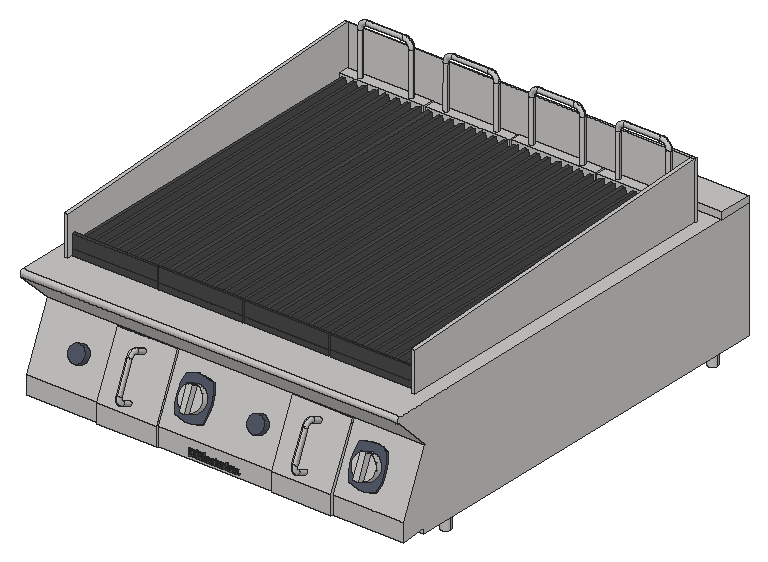
Revit family "QF_ELECTROLUXPROFESSIONAL_391065_E9GRGHGC0P", category Specialty Equipment, Revit 2018
Family settings
  Round Connector Dimension = Use Diameter
  Part Type = Normal
  Work Plane-Based = No
  Always vertical = Yes
  Cut with Voids When Loaded = No
  Shared = No
  Room Calculation Point = No
Parameters
  Width = 800 mm  # constant formula
  Weight in Pounds = 110  # constant formula
  Watts = 0 W
  URL Cutsheet = "www.electrolux.com"
  URL = "www.electrolux.com"
  Type Mark [instance] = ""
  Status [instance] = ""
  Specification by User [instance] = ""
  Specification by Manufacturer = ""
  Show Logo [instance] = yes
  Show Clearance [instance] = yes
  Serial Number = ""
  Seismic Rating = ""
  SMACNA No = ""
  Revision Code [instance] = ""
  Omniclass Number and Title = ""
  NAFEM Spec ID Number = ""
  Model = "391065"
  Mechanical Remarks [instance] = ""
  Mechanical Connection Type [instance] = ""
  Masterspec = ""
  Manufacturer = "ELECTROLUX"
  Item Number [instance] = ""
  Installed By [instance] = ""
  Identify Quantity as Lot [instance] = yes
  HP = "0 HP"
  Gas Size = 12.7 mm  # 1/2"
  Gas RI Height [instance] = 0 mm
  Gas KW [instance] = 21  # constant formula
  Gas Input [instance] = 20980.7 VA  # 71589.0 Btu/h
  Gas Connection Height = 0 mm
  Furnished By [instance] = ""
  Foodservice Equipment Identifier [instance] = yes
  Direct Waste Size = 0"
  Description = "900XP FULL MODULE GAS POWERGRILL TOP HP - NATURAL/LPG GAS"
  Depth = 930 mm  # constant formula
  CSI MasterFormat = ""
  CSI Master Format = ""
  Base Height [instance] = 0 mm
Reference planes
  plane 1 "BACK": y = 0
  plane 2: z = 0
  plane 3 "LEFT": x = 0
  plane 4 "RIGHT": x = 800
  plane 5 "FRONT": y = -930
  plane 6 "TOP": z = 275
  plane 7 "Center Y": x = 400
  plane 8 "Center X": y = -465
  plane 9: z = 24
  plane 10: z = 424
  plane 11: x = 11
  plane 12: x = 789
  plane 13: y = -1690
  plane 14: x = 748
Forms (mm)
  Extrusion 1, solid, material "QF_Finishes_Stainless Steel"
    sketch origin (0, 0, 0) x (0, 1, 0) y (0, 0, 1)
      loop
        line (0, 275) -> (-922.639, 275)
        arc (-922.639, 275) -> (-929.44, 270.456) -> (-927.844, 262.434) r 7.361
        line (-927.844, 262.434) -> (-857.044, 191.634) -> (-913.4, 69.19) -> (-913.4, 31.09) -> (-860.028, 36.7) -> (-860.028, 24) -> (0, 24) -> (0, 275)
    from 0 to 800.1
  Extrusion 2, solid, material "QF_Finishes_Stainless Steel"
    sketch origin (0, 0, 0) x (1, 0, 0) y (0, 1, 0)
      loop
        circle (11, -80) r 9.525
      loop
        circle (11, -788) r 9.525
      loop
        circle (789, -80) r 9.525
      loop
        circle (789, -788) r 9.525
    from 0 to 24
  Extrusion 3, solid, material "QF_Clearances", visible <- "Show Clearance", detail levels coarse
    sketch origin (0, 0, 0) x (1, 0, 0) y (0, 1, 0)
      loop
        line (0, -930) -> (0, 0) -> (800, 0) -> (800, -930) -> (950.119, -930) -> (950.119, 150.019) -> (-150.019, 150.019) -> (-150.019, -930) -> (0, -930)
    from 0 to 424
  Extrusion 4, solid, material "QF_Finishes_Navy Blue"
    sketch origin (603.031, -927.103, 39.419) x (0, 0.418102, 0.9084) y (-1, 0, 0)
      loop
        circle (98.862, 129.601) r 17.8
    from 0 to 12.7
  Extrusion 5, solid, material "QF_Finishes_Stainless Steel"
    sketch origin (151.15, -199.714, 0) x (0, 1, 0) y (0, 0, 1)
      loop
        line (-657.416, 191.447) -> (-660.323, 192.784) -> (-716.972, 69.704) -> (-716.972, 30.903) -> (-713.772, 30.903) -> (-713.772, 69.003) -> (-657.416, 191.447)
    from 0 to 127
  Sweep 6, solid, material "QF_Finishes_Stainless Steel"
    path origin (213.65, -199.714, 0) x (0, 1, 0) y (0, 0, 1)
      loop
        line (-670.615, 170.424) -> (-691.243, 179.918)
        arc (-691.243, 179.918) -> (-700.956, 180.294) -> (-708.09, 173.692) r 12.7
        line (-708.09, 173.692) -> (-735.638, 113.839)
        arc (-735.638, 113.839) -> (-736.013, 104.126) -> (-729.411, 96.993) r 12.7
        line (-729.411, 96.993) -> (-708.782, 87.498)
    profile origin (213.65, -880.643, 175.171) x (0, -0.418102, -0.9084) y (1, 0, 0)
      loop
        circle (0, 0) r 4.572
  Extrusion 7, solid, material "QF_Finishes_Navy Blue"
    sketch origin (653.031, -927.103, 39.419) x (0, 0.418102, 0.9084) y (-1, 0, 0)
      loop
        circle (98.862, 559.801) r 17.8
    from 0 to 12.7
  Extrusion 8, solid, material "QF_Finishes_Stainless Steel"
    sketch origin (648.95, -199.714, 0) x (0, 1, 0) y (0, 0, -1)
      loop
        line (-657.416, -191.447) -> (-713.772, -69.003) -> (-713.772, -30.903) -> (-716.972, -30.903) -> (-716.972, -69.704) -> (-660.323, -192.784) -> (-657.416, -191.447)
    from 0 to 127
  Sweep 9, solid, material "QF_Finishes_Stainless Steel"
    path origin (586.45, -199.714, 0) x (0, 1, 0) y (0, 0, -1)
      loop
        line (-670.615, -170.424) -> (-691.243, -179.918)
        arc (-691.243, -179.918) -> (-700.956, -180.294) -> (-708.09, -173.692) r 12.7
        line (-708.09, -173.692) -> (-735.638, -113.839)
        arc (-735.638, -113.839) -> (-736.013, -104.126) -> (-729.411, -96.993) r 12.7
        line (-729.411, -96.993) -> (-708.782, -87.498)
    profile origin (586.45, -880.643, 175.171) x (0, 0.418102, 0.9084) y (-1, 0, 0)
      loop
        circle (0, 0) r 4.572
  Extrusion 10, solid, material "QF_Door-Drawer Clearances", visible <- "Show Clearance", detail levels coarse
    sketch origin (151.15, -199.714, 0) x (0, 1, 0) y (0, 0, 1)
      loop
        line (-660.323, 192.784) -> (-1409.258, 192.784) -> (-1465.907, 69.704) -> (-1465.907, 30.903) -> (-716.972, 30.903) -> (-716.972, 69.704) -> (-660.323, 192.784)
    from 0 to 127
  Extrusion 11, solid, material "QF_Door-Drawer Clearances", visible <- "Show Clearance", detail levels coarse
    sketch origin (521.95, -199.714, 0) x (0, 1, 0) y (0, 0, 1)
      loop
        line (-660.323, 192.784) -> (-1409.258, 192.784) -> (-1465.907, 69.704) -> (-1465.907, 30.903) -> (-716.972, 30.903) -> (-716.972, 69.704) -> (-660.323, 192.784)
    from 0 to 127
  Extrusion 12, solid, material "QF_Finishes_Navy Blue"
    sketch origin (-203.02, -913.486, 69.003) x (0, 0.418102, 0.9084) y (-1, 0, 0)
      loop
        arc (102.623, -510.47) -> (67.041, -502.846) -> (31.333, -509.853) r 90.5
        arc (31.333, -509.853) -> (24.507, -539.04) -> (31.333, -568.228) r 65.817
        arc (31.333, -568.228) -> (67.04, -575.188) -> (102.623, -567.615) r 91.066
        arc (102.623, -567.615) -> (109.179, -539.043) -> (102.623, -510.47) r 65.546
    from 0 to 3.175
  Extrusion 13, solid, material "QF_Finishes_Stainless Steel"
    sketch origin (175.73, -917.2, 68.529) x (0, 0.418102, 0.9084) y (-1, 0, 0)
      loop
        circle (68.826, -160.963) r 25.4
    from 0 to 12.7
  Extrusion 14, solid, material "QF_Finishes_Stainless Steel"
    sketch origin (175.73, -928.736, 73.839) x (0, 0.418102, 0.9084) y (-1, 0, 0)
      loop
        arc (93.558, -166.749) -> (94.226, -160.963) -> (93.558, -155.177) r 25.4
        line (93.558, -155.177) -> (44.094, -155.177)
        arc (44.094, -155.177) -> (43.426, -160.963) -> (44.094, -166.749) r 25.4
        line (44.094, -166.749) -> (93.558, -166.749)
    from 0 to 12.7
  Extrusion 15, solid, material "QF_Finishes_Stainless Steel"
    sketch origin (543.994, -917.2, 68.529) x (0, 0.418102, 0.9084) y (-1, 0, 0)
      loop
        circle (68.826, -160.963) r 25.4
    from 0 to 12.7
  Extrusion 16, solid, material "QF_Finishes_Stainless Steel"
    sketch origin (543.994, -928.736, 73.839) x (0, 0.418102, 0.9084) y (-1, 0, 0)
      loop
        arc (93.558, -166.749) -> (94.226, -160.963) -> (93.558, -155.177) r 25.4
        line (93.558, -155.177) -> (44.094, -155.177)
        arc (44.094, -155.177) -> (43.426, -160.963) -> (44.094, -166.749) r 25.4
        line (44.094, -166.749) -> (93.558, -166.749)
    from 0 to 12.7
  Extrusion 17, solid, material "QF_Finishes_Navy Blue", visible <- "Show Logo"
    sketch origin (58.349, -913.486, 30.903) x (0, 0, 1) y (-1, 0, 0)
      loop
        line (20.674, -296.698) -> (8.307, -296.698)
        arc (8.307, -296.698) -> (14.491, -301.27) -> (20.674, -296.698) r 6.467
      loop
        arc (20.674, -296.069) -> (19.505, -290.926) -> (14.849, -288.448) r 6.338
        line (14.849, -288.448) -> (14.849, -290.494)
        arc (14.849, -290.494) -> (16.333, -294.149) -> (19.778, -296.069) r 5.941
        line (19.778, -296.069) -> (20.674, -296.069)
      loop
        arc (9.203, -296.069) -> (12.648, -294.149) -> (14.132, -290.494) r 5.941
        line (14.132, -290.494) -> (14.132, -288.448)
        arc (14.132, -288.448) -> (9.438, -290.922) -> (8.148, -296.069) r 6.504
        line (8.148, -296.069) -> (9.203, -296.069)
      loop
        line (21.349, -287.979) -> (7.604, -287.979) -> (7.604, -301.742) -> (21.349, -301.742) -> (21.349, -287.979)
      loop
        arc (21.432, -304.71) -> (21.085, -304.352) -> (20.718, -304.69) r 0.358
        arc (20.718, -304.69) -> (20.404, -305.44) -> (19.687, -305.825) r 1.216
        line (19.687, -305.825) -> (9.274, -305.825)
        arc (9.274, -305.825) -> (8.614, -305.548) -> (8.218, -304.951) r 1.238
        arc (8.218, -304.951) -> (7.823, -304.7) -> (7.518, -305.054) r 0.358
        line (7.518, -305.054) -> (7.518, -314.933) -> (10.269, -314.933) -> (10.269, -314.036)
        arc (10.269, -314.036) -> (9.36, -313.456) -> (8.904, -312.479) r 1.928
        line (8.904, -312.479) -> (8.904, -309.98)
        arc (8.904, -309.98) -> (9.18, -309.251) -> (9.868, -308.887) r 1.101
        line (9.868, -308.887) -> (13.955, -308.887) -> (13.955, -312.561)
        arc (13.955, -312.561) -> (13.602, -313.058) -> (13.037, -313.286) r 1.083
        arc (13.037, -313.286) -> (12.773, -313.591) -> (13.065, -313.869) r 0.292
        line (13.065, -313.869) -> (16.028, -313.869)
        arc (16.028, -313.869) -> (16.33, -313.596) -> (16.092, -313.266) r 0.305
        arc (16.092, -313.266) -> (15.601, -313.018) -> (15.296, -312.561) r 1.083
        line (15.296, -312.561) -> (15.296, -308.887) -> (19.973, -308.887) -> (19.973, -312.635)
        arc (19.973, -312.635) -> (19.759, -313.39) -> (19.153, -313.888) r 1.314
        arc (19.153, -313.888) -> (18.934, -314.292) -> (19.288, -314.585) r 0.361
        line (19.288, -314.585) -> (21.432, -314.585) -> (21.432, -304.71)
      loop
        arc (20.715, -315.365) -> (20.335, -316.284) -> (19.416, -316.664) r 1.299
        line (19.416, -316.664) -> (9.837, -316.664)
        arc (9.837, -316.664) -> (8.999, -316.286) -> (8.728, -315.408) r 1.118
        line (8.728, -315.408) -> (7.518, -315.408) -> (7.518, -320.758) -> (8.706, -320.758)
        arc (8.706, -320.758) -> (8.978, -319.841) -> (9.848, -319.445) r 1.153
        line (9.848, -319.445) -> (21.92, -319.445) -> (20.715, -315.365)
      loop
        line (12.483, -323.394) -> (12.483, -329.842) -> (13.282, -329.842)
        arc (13.282, -329.842) -> (15.862, -328.857) -> (17.131, -326.404) r 3.874
        line (17.131, -326.404) -> (17.131, -324.643)
        arc (17.131, -324.643) -> (15.944, -321.778) -> (13.08, -320.592) r 4.051
        line (13.08, -320.592) -> (11.072, -320.592)
        arc (11.072, -320.592) -> (8.253, -322.077) -> (7.202, -325.084) r 4.352
        arc (7.202, -325.084) -> (7.566, -327.547) -> (8.943, -329.621) r 5.713
        line (8.943, -329.621) -> (9.892, -329.621)
        arc (9.892, -329.621) -> (9.16, -328.052) -> (8.943, -326.334) r 5.579
        arc (8.943, -326.334) -> (9.737, -324.371) -> (11.616, -323.394) r 3.057
        line (11.616, -323.394) -> (12.483, -323.394)
      loop
        line (13.742, -323.394) -> (13.742, -326.977)
        arc (13.742, -326.977) -> (15.199, -327.024) -> (16.082, -325.864) r 1.59
        line (16.082, -325.864) -> (16.082, -325.034)
        arc (16.082, -325.034) -> (15.217, -323.779) -> (13.742, -323.394) r 2.184
      loop
        arc (16.533, -339.259) -> (17.022, -337.585) -> (17.179, -335.848) r 9.023
        line (17.179, -335.848) -> (17.179, -334.486)
        arc (17.179, -334.486) -> (16.02, -331.686) -> (13.22, -330.527) r 3.959
        line (13.22, -330.527) -> (10.62, -330.527)
        arc (10.62, -330.527) -> (8.338, -331.819) -> (7.221, -334.192) r 4.331
        line (7.221, -334.192) -> (7.221, -336.327)
        arc (7.221, -336.327) -> (7.729, -337.877) -> (8.651, -339.223) r 5.772
        arc (8.651, -339.223) -> (9.412, -339.274) -> (9.499, -338.515) r 0.553
        arc (9.499, -338.515) -> (9.111, -337.781) -> (8.977, -336.962) r 2.573
        line (8.977, -336.962) -> (8.977, -335.447)
        arc (8.977, -335.447) -> (9.983, -333.806) -> (11.798, -333.163) r 2.884
        line (11.798, -333.163) -> (13.077, -333.163)
        arc (13.077, -333.163) -> (14.898, -333.723) -> (15.824, -335.388) r 2.554
        line (15.824, -335.388) -> (15.824, -336.441)
        arc (15.824, -336.441) -> (15.493, -337.369) -> (14.836, -338.104) r 2.564
        arc (14.836, -338.104) -> (14.614, -338.821) -> (15.223, -339.259) r 0.643
        line (15.223, -339.259) -> (16.533, -339.259)
      loop
        line (15.515, -339.53) -> (15.515, -341.031) -> (9.467, -341.031)
        arc (9.467, -341.031) -> (7.879, -341.688) -> (7.221, -343.276) r 2.246
        line (7.221, -343.276) -> (7.221, -344.86)
        arc (7.221, -344.86) -> (7.535, -345.725) -> (8.035, -346.496) r 4.06
        arc (8.035, -346.496) -> (8.768, -346.629) -> (9.019, -345.928) r 0.576
        arc (9.019, -345.928) -> (8.913, -345.403) -> (8.977, -344.87) r 1.69
        arc (8.977, -344.87) -> (9.519, -344.082) -> (10.425, -343.779) r 1.506
        line (10.425, -343.779) -> (15.563, -343.779) -> (15.563, -346.176) -> (16.119, -346.733) -> (16.941, -346.733) -> (16.941, -343.873) -> (20.172, -343.873) -> (15.515, -339.53)
      loop
        line (7.438, -347.63) -> (7.438, -353.017) -> (8.548, -353.017)
        arc (8.548, -353.017) -> (8.942, -352.066) -> (9.893, -351.672) r 1.345
        line (9.893, -351.672) -> (13.509, -351.672)
        arc (13.509, -351.672) -> (14.274, -352.264) -> (14.564, -353.186) r 1.615
        line (14.564, -353.186) -> (14.564, -354.742) -> (17.119, -355.427) -> (17.119, -354.044) -> (15.177, -351.485) -> (17.057, -351.485) -> (16.773, -348.779)
        arc (16.773, -348.779) -> (16.333, -348.249) -> (15.674, -348.45) r 0.621
        arc (15.674, -348.45) -> (15.274, -348.792) -> (14.78, -348.975) r 1.501
        line (14.78, -348.975) -> (9.893, -348.975)
        arc (9.893, -348.975) -> (8.942, -348.581) -> (8.548, -347.63) r 1.345
        line (8.548, -347.63) -> (7.438, -347.63)
      loop
        line (13.54, -354.964) -> (10.848, -354.964)
        arc (10.848, -354.964) -> (8.403, -356.272) -> (7.269, -358.803) r 4.288
        arc (7.269, -358.803) -> (7.205, -360.183) -> (7.269, -361.563) r 15.022
        arc (7.269, -361.563) -> (8.403, -364.094) -> (10.848, -365.401) r 4.288
        line (10.848, -365.401) -> (13.54, -365.401)
        arc (13.54, -365.401) -> (15.986, -364.094) -> (17.119, -361.563) r 4.288
        arc (17.119, -361.563) -> (17.183, -360.183) -> (17.119, -358.803) r 15.022
        arc (17.119, -358.803) -> (15.986, -356.272) -> (13.54, -354.964) r 4.288
      loop
        line (13.745, -358.078) -> (10.643, -358.078)
        arc (10.643, -358.078) -> (8.486, -360.235) -> (10.643, -362.392) r 2.157
        line (10.643, -362.392) -> (13.745, -362.392)
        arc (13.745, -362.392) -> (15.902, -360.235) -> (13.745, -358.078) r 2.157
      loop
        arc (20.726, -365.26) -> (20.355, -366.154) -> (19.461, -366.524) r 1.264
        line (19.461, -366.524) -> (9.597, -366.524)
        arc (9.597, -366.524) -> (8.727, -366.127) -> (8.455, -365.211) r 1.153
        line (8.455, -365.211) -> (7.518, -365.211) -> (7.518, -370.319) -> (8.446, -370.319)
        arc (8.446, -370.319) -> (8.805, -369.547) -> (9.597, -369.232) r 1.153
        line (9.597, -369.232) -> (21.92, -369.232) -> (20.726, -365.26)
      loop
        arc (15.846, -369.857) -> (15.647, -370.921) -> (14.678, -371.403) r 1.215
        line (14.678, -371.403) -> (9.658, -371.403)
        arc (9.658, -371.403) -> (8.043, -372.051) -> (7.322, -373.634) r 2.338
        line (7.322, -373.634) -> (7.322, -375.148)
        arc (7.322, -375.148) -> (7.497, -376.152) -> (7.999, -377.038) r 2.979
        line (7.999, -377.038) -> (7.518, -378.835) -> (7.518, -380.524) -> (16.943, -380.524) -> (16.649, -376.32) -> (15.863, -376.32)
        arc (15.863, -376.32) -> (15.507, -377.156) -> (14.755, -377.665) r 1.605
        line (14.755, -377.665) -> (9.652, -377.665)
        arc (9.652, -377.665) -> (9.232, -376.728) -> (9.159, -375.704) r 2.94
        arc (9.159, -375.704) -> (9.72, -374.603) -> (10.873, -374.16) r 1.724
        line (10.873, -374.16) -> (17.07, -374.16) -> (15.846, -369.857)
      loop
        line (16.874, -381.377) -> (15.202, -383.423) -> (12.028, -385.729) -> (8.572, -382.617)
        arc (8.572, -382.617) -> (8.335, -382.223) -> (8.357, -381.764) r 0.789
        line (8.357, -381.764) -> (7.518, -381.764) -> (7.518, -385.309) -> (8.344, -385.309)
        arc (8.344, -385.309) -> (8.686, -384.947) -> (9.176, -385.039) r 0.52
        line (9.176, -385.039) -> (10.976, -386.51) -> (8.858, -387.886)
        arc (8.858, -387.886) -> (8.457, -387.576) -> (8.37, -387.076) r 0.7
        line (8.37, -387.076) -> (7.518, -387.076) -> (7.518, -393.003) -> (8.405, -393.003)
        arc (8.405, -393.003) -> (8.472, -392.344) -> (8.866, -391.813) r 1.247
        line (8.866, -391.813) -> (13.066, -388.532) -> (15.513, -390.585) -> (16.874, -392.327) -> (16.874, -388.604) -> (15.389, -389.026) -> (13.868, -387.749) -> (15.568, -386.559) -> (16.874, -387.336) -> (16.874, -381.377)
    from 0 to 1.644
  Extrusion 18, solid, material "QF_Finishes_Navy Blue"
    sketch origin (165.244, -913.486, 69.003) x (0, 0.418102, 0.9084) y (-1, 0, 0)
      loop
        arc (102.623, -510.47) -> (67.041, -502.846) -> (31.333, -509.853) r 90.5
        arc (31.333, -509.853) -> (24.507, -539.04) -> (31.333, -568.228) r 65.817
        arc (31.333, -568.228) -> (67.04, -575.188) -> (102.623, -567.615) r 91.066
        arc (102.623, -567.615) -> (109.179, -539.043) -> (102.623, -510.47) r 65.546
    from 0 to 3.175
  Sweep 19, solid, material "QF_Door-Drawer Clearances", visible <- "Show Clearance", detail levels coarse
    path origin (213.65, -948.649, 0) x (0, 1, 0) y (0, 0, 1)
      loop
        line (-670.615, 170.424) -> (-691.243, 179.918)
        arc (-691.243, 179.918) -> (-700.956, 180.294) -> (-708.09, 173.692) r 12.7
        line (-708.09, 173.692) -> (-735.638, 113.839)
        arc (-735.638, 113.839) -> (-736.013, 104.126) -> (-729.411, 96.993) r 12.7
        line (-729.411, 96.993) -> (-708.782, 87.498)
    profile origin (213.65, -1629.578, 175.171) x (0, -0.418102, -0.9084) y (1, 0, 0)
      loop
        circle (0, 0) r 4.572
  Sweep 20, solid, material "QF_Door-Drawer Clearances", visible <- "Show Clearance", detail levels coarse
    path origin (586.45, -948.649, 0) x (0, 1, 0) y (0, 0, -1)
      loop
        line (-670.615, -170.424) -> (-691.243, -179.918)
        arc (-691.243, -179.918) -> (-700.956, -180.294) -> (-708.09, -173.692) r 12.7
        line (-708.09, -173.692) -> (-735.638, -113.839)
        arc (-735.638, -113.839) -> (-736.013, -104.126) -> (-729.411, -96.993) r 12.7
        line (-729.411, -96.993) -> (-708.782, -87.498)
    profile origin (586.45, -1629.578, 175.171) x (0, 0.418102, 0.9084) y (-1, 0, 0)
      loop
        circle (0, 0) r 4.572
  Extrusion 21, solid, material "QF_Finishes_Black"
    sketch origin (0, 0, 275) x (0, -1, 0) y (1, 0, 0)
      loop
        line (836.985, 36.625) -> (836.985, 216.737) -> (130.285, 216.737) -> (130.285, 36.625) -> (836.985, 36.625)
      loop
        line (130.285, 398.45) -> (130.285, 219.937) -> (836.985, 219.937) -> (836.985, 398.45) -> (130.285, 398.45)
      loop
        line (836.985, 763.475) -> (130.285, 763.475) -> (130.285, 583.363) -> (836.985, 583.363) -> (836.985, 763.475)
      loop
        line (130.285, 401.65) -> (836.985, 401.65) -> (836.985, 580.162) -> (130.285, 580.162) -> (130.285, 401.65)
    from 0 to 12.7
  Extrusion 22, solid, material "QF_Finishes_Stainless Steel"
    sketch origin (0, 0, 275) x (0, -1, 0) y (1, 0, 0)
      loop
        line (130.285, 36.625) -> (130.285, 216.737) -> (107.795, 216.737) -> (107.795, 36.625) -> (130.285, 36.625)
      loop
        line (130.285, 219.938) -> (130.285, 398.45) -> (107.795, 398.45) -> (107.795, 219.938) -> (130.285, 219.938)
      loop
        line (130.285, 763.475) -> (107.795, 763.475) -> (107.795, 583.363) -> (130.285, 583.363) -> (130.285, 763.475)
      loop
        line (130.285, 580.162) -> (107.795, 580.162) -> (107.795, 401.65) -> (130.285, 401.65) -> (130.285, 580.162)
    from 0 to 37.056
  Extrusion 23, solid, material "QF_Finishes_Black"
    sketch origin (52.271, -831.985, 287.7) x (-0.153405, 0, 0.988163) y (-0.988163, 0, -0.153405)
      loop
        line (-25.23, -162.52) -> (3.778, -167.024) -> (31.408, 10.957) -> (2.4, 15.46) -> (-25.23, -162.52)
      loop
        line (-53.106, -342.082) -> (-24.098, -346.585) -> (3.287, -170.186) -> (-25.721, -165.682) -> (-53.106, -342.082)
      loop
        line (-80.981, -521.643) -> (-51.973, -526.147) -> (-24.588, -349.747) -> (-53.597, -345.244) -> (-80.981, -521.643)
      loop
        line (-109.103, -702.786) -> (-80.094, -707.289) -> (-52.464, -529.309) -> (-81.472, -524.806) -> (-109.103, -702.786)
    from 5 to 0
  Sweep 24, solid, material "QF_Finishes_Stainless Steel"
    path origin (2.969, -118.772, 31.265) x (0, 0, 1) y (-1, 0, 0)
      loop
        line (280.79, -69.374) -> (372.677, -69.374)
        arc (372.677, -69.374) -> (383.453, -73.837) -> (387.917, -84.614) r 15.24
        line (387.917, -84.614) -> (387.917, -162.056)
        arc (387.917, -162.056) -> (383.453, -172.833) -> (372.677, -177.296) r 15.24
        line (372.677, -177.296) -> (280.79, -177.296)
    profile origin (72.343, -118.772, 357.999) x (-1, 0, 0) y (0, -1, 0)
      loop
        circle (0, 0) r 4.572
  Sweep 25, solid, material "QF_Finishes_Stainless Steel"
    path origin (173.525, -118.772, 31.265) x (0, 0, 1) y (-1, 0, 0)
      loop
        line (280.79, -80.474) -> (372.677, -80.474)
        arc (372.677, -80.474) -> (383.453, -84.937) -> (387.917, -95.714) r 15.24
        line (387.917, -95.714) -> (387.917, -173.156)
        arc (387.917, -173.156) -> (383.453, -183.933) -> (372.677, -188.396) r 15.24
        line (372.677, -188.396) -> (280.79, -188.396)
    profile origin (253.999, -118.772, 357.999) x (-1, 0, 0) y (0, -1, 0)
      loop
        circle (0, 0) r 4.572
  Extrusion 26, solid, material "QF_Finishes_Stainless Steel"
    sketch origin (35.025, -104.885, 396.363) x (0, -1, 0) y (0, 0, -1)
      loop
        line (0, 0) -> (743.115, 38.857) -> (743.115, 121.362) -> (0, 121.363) -> (0, 0)
    from 0 to -6.35
  Extrusion 27, solid, material "QF_Finishes_Stainless Steel"
    sketch origin (35.025, -104.885, 275) x (0, 0, 1) y (1, 0, 0)
      loop
        line (0, -6.35) -> (121.363, -6.35) -> (121.363, 736.3) -> (0, 736.3) -> (0, -6.35)
    from 0 to 3.2
  Sweep 28, solid, material "QF_Finishes_Stainless Steel"
    path origin (796.35, -118.772, 31.265) x (0, 0, 1) y (-1, 0, 0)
      loop
        line (280.79, 69.374) -> (372.677, 69.374)
        arc (372.677, 69.374) -> (383.453, 73.837) -> (387.917, 84.614) r 15.24
        line (387.917, 84.614) -> (387.917, 162.056)
        arc (387.917, 162.056) -> (383.453, 172.833) -> (372.677, 177.296) r 15.24
        line (372.677, 177.296) -> (280.79, 177.296)
    profile origin (726.976, -118.772, 357.999) x (-1, 0, 0) y (0, -1, 0)
      loop
        circle (0, 0) r 4.572
  Sweep 29, solid, material "QF_Finishes_Stainless Steel"
    path origin (624.153, -118.772, 31.265) x (0, 0, 1) y (-1, 0, 0)
      loop
        line (280.79, 80.474) -> (372.677, 80.474)
        arc (372.677, 80.474) -> (383.453, 84.937) -> (387.917, 95.714) r 15.24
        line (387.917, 95.714) -> (387.917, 173.156)
        arc (387.917, 173.156) -> (383.453, 183.933) -> (372.677, 188.396) r 15.24
        line (372.677, 188.396) -> (280.79, 188.396)
    profile origin (543.679, -118.772, 357.999) x (-1, 0, 0) y (0, -1, 0)
      loop
        circle (0, 0) r 4.572
  Extrusion 30, solid, material "QF_Finishes_Stainless Steel"
    sketch origin (0, 0, 275) x (0, -1, 0) y (1, 0, 0)
      loop
        line (0, 800.1) -> (0, 0) -> (69.85, 0) -> (69.85, 800.1) -> (0, 800.1)
    from 0 to 14.3
  Extrusion 31, solid, material "QF_Finishes_Stainless Steel"
    sketch origin (764.975, -104.885, 396.363) x (0, -1, 0) y (0, 0, 1)
      loop
        line (0, 0) -> (0, -121.363) -> (743.115, -121.362) -> (743.115, -38.857) -> (0, 0)
    from 0 to -6.35
  Extrusion 32, solid, material "QF_Finishes_Stainless Steel"
    sketch origin (0, -101.6, 24) x (-1, 0, 0) y (0, 1, 0)
      loop
        circle (-748, -561.4) r 6.35
    from 0 to 9
  Extrusion 33, solid, material "QF_Finishes_Stainless Steel"
    sketch origin (0, 0, 0) x (1, 0, 0) y (0, 0, 1)
      loop
        circle (748, 78) r 6.35
    from 50 to 101.685
Lines and regions (mm)
  Split face 1
    outline origin (-203.02, -916.37, 70.33) x (0, 0.418102, 0.9084) y (-1, 0, 0)
      loop
        arc (67.041, -503.158) -> (48.669, -506.69) -> (35.363, -519.842) r 32.191
        line (35.363, -519.842) -> (45.047, -525.087)
        arc (45.047, -525.087) -> (54.648, -516.737) -> (67.041, -513.859) r 26.351
        line (67.041, -513.859) -> (67.041, -503.158)
  Split face 2
    outline origin (-203.02, -916.37, 70.33) x (0, 0.418102, 0.9084) y (-1, 0, 0)
      loop
        line (44.251, -526.293) -> (34.615, -521.075)
        arc (34.615, -521.075) -> (41.047, -560.592) -> (81.049, -562.261) r 31.684
        arc (81.049, -562.261) -> (48.21, -559.05) -> (44.251, -526.293) r 26.351
  Split face 3
    outline origin (165.244, -916.37, 70.33) x (0, 0.418102, 0.9084) y (-1, 0, 0)
      loop
        arc (67.041, -503.158) -> (48.669, -506.69) -> (35.363, -519.842) r 32.191
        line (35.363, -519.842) -> (45.047, -525.087)
        arc (45.047, -525.087) -> (54.648, -516.737) -> (67.041, -513.859) r 26.351
        line (67.041, -513.859) -> (67.041, -503.158)
  Split face 4
    outline origin (165.244, -916.37, 70.33) x (0, 0.418102, 0.9084) y (-1, 0, 0)
      loop
        line (44.251, -526.293) -> (34.615, -521.075)
        arc (34.615, -521.075) -> (41.047, -560.592) -> (81.049, -562.261) r 31.684
        arc (81.049, -562.261) -> (48.21, -559.05) -> (44.251, -526.293) r 26.351
  symbolic lines, style "QF_Door-Drawer Clearances"
    curve 1: line (278.15, -1665.621, 0) -> (278.15, -930, 0)
    curve 2: line (278.15, -1665.621, 0) -> (218.222, -1665.621, 0)
    curve 3: line (151.15, -1665.621, 0) -> (151.15, -930, 0)
    curve 4: spline (213.65, -1617.352, 0) -> (214.247, -1617.369, 0) -> (214.833, -1617.417, 0) -> (215.4, -1617.498, 0) -> (215.936, -1617.608, 0) -> (216.433, -1617.747, 0) -> (216.883, -1617.912, 0) -> (217.277, -1618.1, 0) -> (217.609, -1618.308, 0) -> (217.874, -1618.532, 0) -> (218.066, -1618.769, 0) -> (218.183, -1619.014, 0) -> (218.222, -1619.264, 0)
    curve 5: spline (209.078, -1619.264, 0) -> (209.117, -1619.014, 0) -> (209.234, -1618.769, 0) -> (209.426, -1618.532, 0) -> (209.691, -1618.308, 0) -> (210.023, -1618.1, 0) -> (210.417, -1617.912, 0) -> (210.867, -1617.747, 0) -> (211.364, -1617.608, 0) -> (211.9, -1617.498, 0) -> (212.467, -1617.417, 0) -> (213.053, -1617.369, 0) -> (213.65, -1617.352, 0)
    curve 6: line (218.222, -1619.264, 0) -> (218.222, -1685.435, 0)
    curve 7: line (209.078, -1619.264, 0) -> (209.078, -1685.435, 0)
    curve 8: arc (209.078, -1685.435, 0) -> (213.65, -1690.007, 0) -> (218.222, -1685.435, 0) r 4.572
    curve 9: line (648.95, -1665.621, 0) -> (648.95, -930, 0)
    curve 10: line (648.95, -1665.621, 0) -> (590.897, -1665.621, 0)
    curve 11: line (521.95, -1665.621, 0) -> (521.95, -930, 0)
    curve 12: spline (586.325, -1617.352, 0) -> (586.922, -1617.369, 0) -> (587.508, -1617.417, 0) -> (588.075, -1617.498, 0) -> (588.611, -1617.608, 0) -> (589.108, -1617.747, 0) -> (589.558, -1617.912, 0) -> (589.952, -1618.1, 0) -> (590.284, -1618.308, 0) -> (590.549, -1618.532, 0) -> (590.741, -1618.769, 0) -> (590.858, -1619.014, 0) -> (590.897, -1619.264, 0)
    curve 13: spline (581.753, -1619.264, 0) -> (581.792, -1619.014, 0) -> (581.909, -1618.769, 0) -> (582.101, -1618.532, 0) -> (582.366, -1618.308, 0) -> (582.698, -1618.1, 0) -> (583.092, -1617.912, 0) -> (583.542, -1617.747, 0) -> (584.039, -1617.608, 0) -> (584.575, -1617.498, 0) -> (585.142, -1617.417, 0) -> (585.728, -1617.369, 0) -> (586.325, -1617.352, 0)
    curve 14: line (590.897, -1619.264, 0) -> (590.897, -1685.435, 0)
    curve 15: line (581.753, -1619.264, 0) -> (581.753, -1685.435, 0)
    curve 16: arc (581.753, -1685.435, 0) -> (586.325, -1690.007, 0) -> (590.897, -1685.435, 0) r 4.572
    curve 17: line (581.753, -1665.621, 0) -> (521.95, -1665.621, 0)
    curve 18: line (209.078, -1665.621, 0) -> (151.15, -1665.621, 0)
  symbolic lines, style "QF_Clearances", visible <- "Show Clearance", detail levels coarse
    curve 19: line (950.119, -930, 0) -> (950.119, 150.019, 0)
    curve 20: line (950.119, 150.019, 0) -> (-150.019, 150.019, 0)
    curve 21: line (-150.019, 150.019, 0) -> (-150.019, -930, 0)
  symbolic lines
    curve 22: line (0, -930, 0) -> (800, -930, 0)
    curve 23: line (0, 0, 0) -> (0, -930, 0)
    curve 24: line (800, 0, 0) -> (0, 0, 0)
    curve 25: line (800, -930, 0) -> (800, 0, 0)
    curve 26: line (0, -69.85, 0) -> (800, -69.85, 0)
    curve 27: line (771.325, -848, 0) -> (771.325, -98.535, 0)
    curve 28: line (35.025, -104.885, 0) -> (764.975, -104.885, 0)
    curve 29: line (764.975, -104.885, 0) -> (764.975, -848, 0)
    curve 30: line (763.475, -836.985, 0) -> (763.475, -107.795, 0)
    curve 31: line (763.475, -107.795, 0) -> (583.363, -107.795, 0)
    curve 32: line (583.363, -130.285, 0) -> (763.475, -130.285, 0)
    curve 33: line (583.363, -107.795, 0) -> (583.363, -836.985, 0)
    curve 34: line (36.625, -836.985, 0) -> (216.737, -836.985, 0)
    curve 35: line (216.737, -831.985, 0) -> (36.625, -831.985, 0)
    curve 36: line (219.938, -836.985, 0) -> (398.45, -836.985, 0)
    curve 37: line (398.45, -831.985, 0) -> (219.938, -831.985, 0)
    curve 38: line (401.65, -836.985, 0) -> (580.162, -836.985, 0)
    curve 39: line (580.162, -831.985, 0) -> (401.65, -831.985, 0)
    curve 40: line (583.363, -836.985, 0) -> (763.475, -836.985, 0)
    curve 41: line (763.475, -831.985, 0) -> (583.363, -831.985, 0)
    curve 42: line (764.975, -848, 0) -> (771.325, -848, 0)
    curve 43: line (28.675, -848, 0) -> (28.675, -98.535, 0)
    curve 44: line (35.025, -104.885, 0) -> (35.025, -848, 0)
    curve 45: line (35.025, -848, 0) -> (28.675, -848, 0)
    curve 46: line (28.675, -98.535, 0) -> (771.325, -98.535, 0)
    curve 47: line (619.054, -123.344, 0) -> (727.022, -123.344, 0)
    curve 48: line (619.054, -114.2, 0) -> (727.022, -114.2, 0)
    curve 49: arc (727.022, -114.2, 0) -> (731.594, -118.772, 0) -> (727.022, -123.344, 0) r 4.572
    curve 50: arc (619.054, -114.2, 0) -> (614.482, -118.772, 0) -> (619.054, -123.344, 0) r 4.572
    curve 51: line (580.162, -836.985, 0) -> (580.162, -107.795, 0)
    curve 52: line (580.162, -107.795, 0) -> (401.65, -107.795, 0)
    curve 53: line (401.65, -130.285, 0) -> (580.162, -130.285, 0)
    curve 54: line (401.65, -107.795, 0) -> (401.65, -836.985, 0)
    curve 55: line (435.741, -123.344, 0) -> (543.71, -123.344, 0)
    curve 56: line (435.741, -114.2, 0) -> (543.71, -114.2, 0)
    curve 57: arc (543.71, -114.2, 0) -> (548.282, -118.772, 0) -> (543.71, -123.344, 0) r 4.572
    curve 58: arc (435.741, -114.2, 0) -> (431.169, -118.772, 0) -> (435.741, -123.344, 0) r 4.572
    curve 59: line (398.45, -836.985, 0) -> (398.45, -107.795, 0)
    curve 60: line (398.45, -107.795, 0) -> (219.938, -107.795, 0)
    curve 61: line (219.938, -130.285, 0) -> (398.45, -130.285, 0)
    curve 62: line (219.938, -107.795, 0) -> (219.938, -836.985, 0)
    curve 63: line (254.029, -123.344, 0) -> (361.997, -123.344, 0)
    curve 64: line (254.029, -114.2, 0) -> (361.997, -114.2, 0)
    curve 65: arc (361.997, -114.2, 0) -> (366.569, -118.772, 0) -> (361.997, -123.344, 0) r 4.572
    curve 66: arc (254.029, -114.2, 0) -> (249.457, -118.772, 0) -> (254.029, -123.344, 0) r 4.572
    curve 67: line (216.737, -836.985, 0) -> (216.737, -107.795, 0)
    curve 68: line (216.737, -107.795, 0) -> (36.625, -107.795, 0)
    curve 69: line (36.625, -130.285, 0) -> (216.737, -130.285, 0)
    curve 70: line (36.625, -107.795, 0) -> (36.625, -836.985, 0)
    curve 71: line (72.316, -123.344, 0) -> (180.285, -123.344, 0)
    curve 72: line (72.316, -114.2, 0) -> (180.285, -114.2, 0)
    curve 73: arc (180.285, -114.2, 0) -> (184.857, -118.772, 0) -> (180.285, -123.344, 0) r 4.572
    curve 74: arc (72.316, -114.2, 0) -> (67.744, -118.772, 0) -> (72.316, -123.344, 0) r 4.572
Dimensions and locks
  equal spacing: plane 3 "LEFT", plane 7 "Center Y", plane 4 "RIGHT"
  "Width": plane 3 "LEFT" to plane 4 "RIGHT"
  equal spacing: plane 5 "FRONT", plane 8 "Center X", plane 1 "BACK"
  "Depth": plane 5 "FRONT" to plane 1 "BACK"
  plane 6 "TOP" to level = 275 mm
  plane 9 to level = 24 mm
  plane 6 "TOP" to plane 9 = 251 mm
  plane 10 to level = 424 mm
  plane 10 to plane 9 = 400 mm
  locked: plane 11 to plane 3 "LEFT" at 11
  locked: plane 4 "RIGHT" to plane 12 at 11
  plane 11 to plane 12 = 778 mm
  plane 1 "BACK" to plane 13 = 1690 mm
  plane 1 "BACK" to Extrusion 2 to Extrusion 2 to plane 5 "FRONT" = 80 mm, 708 mm, 142 mm
  equal spacing: group 1, group 3, group 4, group 5, group 6, group 7, group 8, group 9, group 10, group 11, group 12, group 13, group 14, group 15, group 16, group 17, group 18, group 19, group 20, group 21, group 22, group 23, group 24, group 25, group 26, group 27, group 28, group 29, group 30, group 31, group 32, group 2  (x3)
  plane 14 to plane 4 "RIGHT" = 52 mm
  plane 1 "BACK" to Extrusion 33 = 50 mm
  Extrusion 32 to plane 1 "BACK" = 663 mm
  aligned and locked: level to plane 2
Automatic sketch dimensions
  Extrusion 1 sketch curve to plane 6 "TOP" = 0 mm
  Extrusion 1 sketch curve to plane 9 = 0 mm
  Extrusion 1 sketch curve to plane 1 "BACK" = 0 mm
  Extrusion 1 sketch curve to plane 5 "FRONT" = 72.956 mm
  plane 9 to Extrusion 1 sketch curve = 12.7 mm
  Extrusion 1 sketch curve to plane 5 "FRONT" = 69.972 mm
  plane 9 to Extrusion 1 sketch curve = 7.09 mm
  Extrusion 1 sketch curve to plane 5 "FRONT" = 16.6 mm
  Extrusion 1 sketch curve to plane 5 "FRONT" = 7.361 mm
  Extrusion 1 sketch curve to plane 5 "FRONT" = 2.156 mm
  Extrusion 1 sketch curve to Extrusion 1 sketch curve = 38.1 mm
  Extrusion 1 sketch curve to plane 6 "TOP" = 83.366 mm
  Extrusion 1 sketch curve to plane 6 "TOP" = 12.566 mm
  Extrusion 2 sketch curve to plane 11 = 0 mm  (x2)
  Extrusion 2 sketch curve to plane 12 = 0 mm  (x2)
  Extrusion 2 sketch curve to plane 5 "FRONT" = 142 mm  (x2)
  plane 1 "BACK" to Extrusion 2 sketch curve = 80 mm  (x2)
  plane 5 "FRONT" to Extrusion 3 sketch curve = 0 mm  (x2)
  plane 1 "BACK" to Extrusion 3 sketch curve = 0 mm
  Extrusion 3 sketch curve to plane 3 "LEFT" = 0 mm
  Extrusion 3 sketch curve to plane 3 "LEFT" = 150.019 mm
  Extrusion 3 sketch curve to plane 4 "RIGHT" = 0 mm
  Extrusion 3 sketch curve to Extrusion 3 sketch curve = 150.119 mm
  Extrusion 3 sketch curve to plane 1 "BACK" = 150.019 mm
  Extrusion 4 sketch curve to Extrusion 1 = 66.089 mm
  Extrusion 1 to Extrusion 4 sketch curve = 326.67 mm
  Extrusion 5 sketch curve to plane 5 "FRONT" = 13.314 mm
  Extrusion 5 sketch curve to Extrusion 5 sketch curve = 3.2 mm
  Extrusion 5 sketch curve to plane 5 "FRONT" = 69.963 mm
  Extrusion 5 sketch curve to Extrusion 5 sketch curve = 2.907 mm
  plane 9 to Extrusion 5 sketch curve = 6.903 mm
  Extrusion 5 sketch curve to Extrusion 5 sketch curve = 38.1 mm
  Extrusion 5 sketch curve to Extrusion 5 sketch curve = 0.701 mm
  plane 5 "FRONT" to Sweep 6 sketch curve = 5.352 mm
  Sweep 6 sketch curve to plane 5 "FRONT" = 0.875 mm
  Sweep 6 sketch curve to plane 5 "FRONT" = 6.185 mm
  Sweep 6 sketch curve to plane 5 "FRONT" = 21.504 mm
  Sweep 6 sketch curve to plane 5 "FRONT" = 22.196 mm
  Sweep 6 sketch curve to Sweep 6 sketch curve = 11.537 mm  (x2)
  Sweep 6 sketch curve to Sweep 6 sketch curve = 5.31 mm  (x2)
  Sweep 6 sketch curve to Sweep 6 sketch curve = 20.629 mm
  plane 9 to Sweep 6 sketch curve = 63.498 mm
  Sweep 6 sketch curve to Sweep 6 sketch curve = 9.495 mm
  Sweep 6 sketch curve to Sweep 6 sketch curve = 59.852 mm
  Sweep 6 sketch curve to Sweep 6 sketch curve = 2.042 mm
  Sweep 6 sketch curve to profile plane = 0 mm  (x2)
  Extrusion 7 sketch curve to Extrusion 1 = 66.089 mm
  Extrusion 1 to Extrusion 7 sketch curve = 93.23 mm
  Extrusion 8 sketch curve to plane 5 "FRONT" = 13.314 mm
  Extrusion 8 sketch curve to Extrusion 8 sketch curve = 3.2 mm
  Extrusion 8 sketch curve to plane 5 "FRONT" = 69.963 mm
  Extrusion 8 sketch curve to Extrusion 8 sketch curve = 2.907 mm
  Extrusion 8 sketch curve to plane 6 "TOP" = 82.216 mm
  Extrusion 8 sketch curve to Extrusion 8 sketch curve = 1.338 mm
  plane 9 to Extrusion 8 sketch curve = 6.903 mm
  plane 5 "FRONT" to Sweep 9 sketch curve = 5.352 mm
  Sweep 9 sketch curve to plane 5 "FRONT" = 0.875 mm
  Sweep 9 sketch curve to plane 5 "FRONT" = 6.185 mm
  Sweep 9 sketch curve to plane 5 "FRONT" = 21.504 mm
  Sweep 9 sketch curve to plane 5 "FRONT" = 22.196 mm
  Sweep 9 sketch curve to Sweep 9 sketch curve = 11.537 mm
  Sweep 9 sketch curve to Sweep 9 sketch curve = 5.31 mm  (x2)
  Sweep 9 sketch curve to Sweep 9 sketch curve = 20.629 mm
  Sweep 9 sketch curve to plane 6 "TOP" = 95.082 mm
  Sweep 9 sketch curve to Sweep 9 sketch curve = 6.227 mm
  Sweep 9 sketch curve to Sweep 9 sketch curve = 9.495 mm  (x2)
  Sweep 9 sketch curve to Sweep 9 sketch curve = 59.852 mm
  profile plane to Sweep 9 sketch curve = 0 mm
  Sweep 9 sketch curve to profile plane = 0 mm
  plane 13 to Extrusion 10 sketch curve = 24.379 mm
  plane 13 to Extrusion 10 sketch curve = 81.028 mm
  Extrusion 10 sketch curve to plane 5 "FRONT" = 13.314 mm
  Extrusion 10 sketch curve to plane 5 "FRONT" = 69.963 mm
  plane 9 to Extrusion 10 sketch curve = 6.903 mm
  Extrusion 10 sketch curve to Extrusion 10 sketch curve = 38.801 mm  (x2)
  Extrusion 10 sketch curve to plane 6 "TOP" = 82.216 mm
  plane 13 to Extrusion 11 sketch curve = 24.379 mm
  plane 13 to Extrusion 11 sketch curve = 81.028 mm
  Extrusion 11 sketch curve to plane 5 "FRONT" = 13.314 mm
  Extrusion 11 sketch curve to plane 5 "FRONT" = 69.963 mm
  plane 9 to Extrusion 11 sketch curve = 6.903 mm
  Extrusion 11 sketch curve to Extrusion 11 sketch curve = 38.801 mm  (x2)
  Extrusion 11 sketch curve to plane 6 "TOP" = 82.216 mm
  Extrusion 12 sketch curve to plane 7 "Center Y" = 93.167 mm
  Extrusion 12 sketch curve to plane 7 "Center Y" = 34.792 mm
  Extrusion 12 sketch curve to Extrusion 12 sketch curve = 0 mm
  Extrusion 12 sketch curve to Extrusion 12 sketch curve = 12.3 mm  (x3)
  Extrusion 12 sketch curve to plane 7 "Center Y" = 9.678 mm
  Extrusion 12 sketch curve to Extrusion 12 sketch curve = 34.925 mm  (x2)
  Extrusion 12 sketch curve to Extrusion 12 sketch curve = 46.691 mm
  Extrusion 12 sketch curve to Extrusion 12 sketch curve = 28.575 mm
  Extrusion 14 sketch curve to Extrusion 14 sketch curve = 24.732 mm
  Extrusion 14 sketch curve to Extrusion 14 sketch curve = 0 mm
  Extrusion 15 sketch curve to plane 12 = 84.043 mm
  Extrusion 16 sketch curve to Extrusion 16 sketch curve = 24.732 mm
  Extrusion 16 sketch curve to Extrusion 16 sketch curve = 0 mm
  plane 9 to Extrusion 17 sketch curve = 9.063 mm
  plane 9 to Extrusion 17 sketch curve = 14.104 mm
  plane 7 "Center Y" to Extrusion 17 sketch curve = 3.209 mm
  plane 9 to Extrusion 17 sketch curve = 14.124 mm
  Extrusion 17 sketch curve to Extrusion 17 sketch curve = 0 mm  (x28)
  Extrusion 17 sketch curve to Extrusion 17 sketch curve = 5.108 mm  (x2)
  Extrusion 17 sketch curve to Extrusion 17 sketch curve = 0.054 mm
  Extrusion 17 sketch curve to Extrusion 17 sketch curve = 0.218 mm
  Extrusion 17 sketch curve to Extrusion 17 sketch curve = 0.195 mm
  Extrusion 17 sketch curve to Extrusion 17 sketch curve = 0.249 mm
  plane 9 to Extrusion 17 sketch curve = 14.421 mm
  Extrusion 17 sketch curve to Extrusion 17 sketch curve = 0.087 mm
  Extrusion 17 sketch curve to Extrusion 17 sketch curve = 0.358 mm
  Extrusion 17 sketch curve to Extrusion 17 sketch curve = 0.481 mm
  Extrusion 17 sketch curve to Extrusion 17 sketch curve = 0.597 mm
  Extrusion 17 sketch curve to Extrusion 17 sketch curve = 0.544 mm
  Extrusion 17 sketch curve to Extrusion 17 sketch curve = 0.936 mm
  Extrusion 17 sketch curve to Extrusion 17 sketch curve = 0.594 mm
  Extrusion 17 sketch curve to Extrusion 17 sketch curve = 0.343 mm
  Extrusion 17 sketch curve to Extrusion 17 sketch curve = 0.159 mm
  Extrusion 17 sketch curve to Extrusion 17 sketch curve = 0.826 mm
  Extrusion 17 sketch curve to Extrusion 17 sketch curve = 0.839 mm
  Extrusion 17 sketch curve to Extrusion 17 sketch curve = 0.852 mm
  Extrusion 17 sketch curve to Extrusion 17 sketch curve = 0.887 mm
  Extrusion 17 sketch curve to Extrusion 17 sketch curve = 0.928 mm
  Extrusion 17 sketch curve to Extrusion 17 sketch curve = 0.938 mm
  Extrusion 17 sketch curve to Extrusion 17 sketch curve = 0.444 mm
  Extrusion 17 sketch curve to Extrusion 17 sketch curve = 1.11 mm  (x3)
  Extrusion 17 sketch curve to Extrusion 17 sketch curve = 0.215 mm
  Extrusion 17 sketch curve to Extrusion 17 sketch curve = 1.43 mm
  Extrusion 17 sketch curve to Extrusion 17 sketch curve = 1.188 mm
  Extrusion 17 sketch curve to Extrusion 17 sketch curve = 1.21 mm  (x2)
  Extrusion 17 sketch curve to Extrusion 17 sketch curve = 0.503 mm
  Extrusion 17 sketch curve to Extrusion 17 sketch curve = 0.488 mm
  Extrusion 17 sketch curve to Extrusion 17 sketch curve = 0.462 mm
  Extrusion 17 sketch curve to Extrusion 17 sketch curve = 1.386 mm
  Extrusion 17 sketch curve to Extrusion 17 sketch curve = 1.742 mm  (x2)
  Extrusion 17 sketch curve to Extrusion 17 sketch curve = 0.821 mm
  Extrusion 17 sketch curve to Extrusion 17 sketch curve = 0.497 mm
  Extrusion 17 sketch curve to Extrusion 17 sketch curve = 0.539 mm
  Extrusion 17 sketch curve to Extrusion 17 sketch curve = 0.686 mm
  Extrusion 17 sketch curve to Extrusion 17 sketch curve = 0.408 mm
  Extrusion 17 sketch curve to Extrusion 17 sketch curve = 0.743 mm
  Extrusion 17 sketch curve to Extrusion 17 sketch curve = 1.16 mm
  Extrusion 17 sketch curve to Extrusion 17 sketch curve = 0.329 mm
  Extrusion 17 sketch curve to Extrusion 17 sketch curve = 1.054 mm
  Extrusion 17 sketch curve to Extrusion 17 sketch curve = 1.056 mm
  Extrusion 17 sketch curve to Extrusion 17 sketch curve = 0.129 mm
  Extrusion 17 sketch curve to Extrusion 17 sketch curve = 0.489 mm
  Extrusion 17 sketch curve to Extrusion 17 sketch curve = 0.441 mm
  Extrusion 17 sketch curve to Extrusion 17 sketch curve = 1.151 mm
  Extrusion 17 sketch curve to Extrusion 17 sketch curve = 1.141 mm  (x2)
  Extrusion 17 sketch curve to Extrusion 17 sketch curve = 0.768 mm
  Extrusion 17 sketch curve to Extrusion 17 sketch curve = 1.653 mm
  Extrusion 17 sketch curve to Extrusion 17 sketch curve = 0.499 mm
  Extrusion 17 sketch curve to Extrusion 17 sketch curve = 0.964 mm
  Extrusion 17 sketch curve to Extrusion 17 sketch curve = 0.949 mm
  Extrusion 17 sketch curve to Extrusion 17 sketch curve = 1.345 mm  (x2)
  Extrusion 17 sketch curve to Extrusion 17 sketch curve = 1.101 mm
  Extrusion 17 sketch curve to Extrusion 17 sketch curve = 0.432 mm
  Extrusion 17 sketch curve to Extrusion 17 sketch curve = 1.142 mm
  Extrusion 17 sketch curve to Extrusion 17 sketch curve = 0.959 mm
  Extrusion 17 sketch curve to Extrusion 17 sketch curve = 0.176 mm
  Extrusion 17 sketch curve to Extrusion 17 sketch curve = 0.728 mm
  Extrusion 17 sketch curve to Extrusion 17 sketch curve = 3.375 mm  (x2)
  Extrusion 17 sketch curve to Extrusion 17 sketch curve = 0.541 mm
  Extrusion 17 sketch curve to Extrusion 17 sketch curve = 0.955 mm
  Extrusion 17 sketch curve to Extrusion 17 sketch curve = 1.251 mm
  Extrusion 17 sketch curve to Extrusion 17 sketch curve = 0.572 mm
  Extrusion 17 sketch curve to Extrusion 17 sketch curve = 1.92 mm
  Extrusion 17 sketch curve to Extrusion 17 sketch curve = 1.224 mm
  Extrusion 17 sketch curve to Extrusion 17 sketch curve = 0.745 mm
  Extrusion 17 sketch curve to Extrusion 17 sketch curve = 2.537 mm
  Extrusion 17 sketch curve to Extrusion 17 sketch curve = 0.896 mm  (x3)
  Extrusion 17 sketch curve to Extrusion 17 sketch curve = 0.036 mm
  Extrusion 17 sketch curve to Extrusion 17 sketch curve = 2.607 mm
  Extrusion 17 sketch curve to Extrusion 17 sketch curve = 0.066 mm
  Extrusion 17 sketch curve to Extrusion 17 sketch curve = 0.248 mm
  Extrusion 17 sketch curve to Extrusion 17 sketch curve = 0.449 mm
  Extrusion 17 sketch curve to Extrusion 17 sketch curve = 1.052 mm
  Extrusion 17 sketch curve to Extrusion 17 sketch curve = 1.863 mm
  Extrusion 17 sketch curve to Extrusion 17 sketch curve = 1.31 mm  (x2)
  Extrusion 17 sketch curve to Extrusion 17 sketch curve = 0.901 mm
  Extrusion 17 sketch curve to Extrusion 17 sketch curve = 1.107 mm
  Extrusion 17 sketch curve to Extrusion 17 sketch curve = 2.122 mm
  Extrusion 17 sketch curve to Extrusion 17 sketch curve = 2.101 mm
  Extrusion 17 sketch curve to Extrusion 17 sketch curve = 0.106 mm
  Extrusion 17 sketch curve to Extrusion 17 sketch curve = 0.029 mm
  Extrusion 17 sketch curve to Extrusion 17 sketch curve = 2.09 mm
  Extrusion 17 sketch curve to Extrusion 17 sketch curve = 1.279 mm
  Extrusion 17 sketch curve to Extrusion 17 sketch curve = 2.008 mm
  Extrusion 17 sketch curve to Extrusion 17 sketch curve = 0.738 mm
  Extrusion 17 sketch curve to Extrusion 17 sketch curve = 0.382 mm
  Extrusion 17 sketch curve to Extrusion 17 sketch curve = 0.384 mm
  Extrusion 17 sketch curve to Extrusion 17 sketch curve = 0.002 mm
  Extrusion 17 sketch curve to Extrusion 17 sketch curve = 0.561 mm
  Extrusion 17 sketch curve to Extrusion 17 sketch curve = 0.592 mm
  Extrusion 17 sketch curve to Extrusion 17 sketch curve = 2.692 mm
  Extrusion 17 sketch curve to Extrusion 17 sketch curve = 1.259 mm
  Extrusion 17 sketch curve to Extrusion 17 sketch curve = 0.802 mm
  Extrusion 17 sketch curve to Extrusion 17 sketch curve = 1.024 mm
  Extrusion 17 sketch curve to Extrusion 17 sketch curve = 0.682 mm
  Extrusion 17 sketch curve to Extrusion 17 sketch curve = 5.934 mm
  Extrusion 17 sketch curve to Extrusion 17 sketch curve = 2.186 mm
  Extrusion 17 sketch curve to Extrusion 17 sketch curve = 0.337 mm
  Extrusion 17 sketch curve to Extrusion 17 sketch curve = 0.021 mm
  Extrusion 17 sketch curve to Extrusion 17 sketch curve = 1.005 mm
  Extrusion 17 sketch curve to Extrusion 17 sketch curve = 0.552 mm
  Extrusion 17 sketch curve to Extrusion 17 sketch curve = 0.778 mm
  Extrusion 17 sketch curve to Extrusion 17 sketch curve = 0.063 mm
  Extrusion 17 sketch curve to Extrusion 17 sketch curve = 1.023 mm
  Extrusion 17 sketch curve to Extrusion 17 sketch curve = 3.804 mm
  Extrusion 17 sketch curve to Extrusion 17 sketch curve = 0.486 mm
  Extrusion 17 sketch curve to Extrusion 17 sketch curve = 0.266 mm  (x2)
  Extrusion 17 sketch curve to Extrusion 17 sketch curve = 1.547 mm
  Extrusion 17 sketch curve to Extrusion 17 sketch curve = 0.717 mm  (x2)
  Extrusion 17 sketch curve to Extrusion 17 sketch curve = 1.667 mm
  Extrusion 17 sketch curve to Extrusion 17 sketch curve = 3.174 mm
  Extrusion 17 sketch curve to Extrusion 17 sketch curve = 0.388 mm
  Extrusion 17 sketch curve to Extrusion 17 sketch curve = 1.342 mm
  Extrusion 17 sketch curve to Extrusion 17 sketch curve = 1.521 mm
  Extrusion 17 sketch curve to Extrusion 17 sketch curve = 0.124 mm
  Extrusion 17 sketch curve to Extrusion 17 sketch curve = 0.291 mm
  plane 7 "Center Y" to Extrusion 17 sketch curve = 4.525 mm
  Extrusion 17 sketch curve to Extrusion 17 sketch curve = 1.049 mm  (x2)
  Extrusion 17 sketch curve to Extrusion 17 sketch curve = 1.7 mm
  Extrusion 17 sketch curve to Extrusion 17 sketch curve = 0.894 mm
  Extrusion 17 sketch curve to Extrusion 17 sketch curve = 0.989 mm
  Extrusion 17 sketch curve to Extrusion 17 sketch curve = 1.168 mm
  Extrusion 17 sketch curve to Extrusion 17 sketch curve = 1.594 mm
  Extrusion 17 sketch curve to Extrusion 17 sketch curve = 0.731 mm
  Extrusion 17 sketch curve to Extrusion 17 sketch curve = 1.566 mm
  Extrusion 17 sketch curve to Extrusion 17 sketch curve = 0.064 mm
  plane 7 "Center Y" to Extrusion 17 sketch curve = 5.081 mm
  Extrusion 17 sketch curve to Extrusion 17 sketch curve = 0.556 mm  (x2)
  Extrusion 17 sketch curve to Extrusion 17 sketch curve = 0.48 mm
  Extrusion 17 sketch curve to Extrusion 17 sketch curve = 0.228 mm
  Extrusion 17 sketch curve to Extrusion 17 sketch curve = 1.018 mm
  Extrusion 17 sketch curve to Extrusion 17 sketch curve = 0.787 mm
  Extrusion 17 sketch curve to Extrusion 17 sketch curve = 0.618 mm
  Extrusion 17 sketch curve to Extrusion 17 sketch curve = 1.672 mm
  Extrusion 17 sketch curve to Extrusion 17 sketch curve = 1.361 mm
  Extrusion 17 sketch curve to Extrusion 17 sketch curve = 0.822 mm
  Extrusion 17 sketch curve to Extrusion 17 sketch curve = 0.069 mm
  Extrusion 17 sketch curve to Extrusion 17 sketch curve = 1.88 mm
  Extrusion 17 sketch curve to Extrusion 17 sketch curve = 0.42 mm
  Extrusion 17 sketch curve to Extrusion 17 sketch curve = 0.062 mm
  Extrusion 17 sketch curve to Extrusion 17 sketch curve = 1.355 mm
  Extrusion 17 sketch curve to Extrusion 17 sketch curve = 2.34 mm
  Extrusion 17 sketch curve to Extrusion 17 sketch curve = 0.493 mm
  Extrusion 17 sketch curve to Extrusion 17 sketch curve = 0.136 mm
  Extrusion 17 sketch curve to Extrusion 17 sketch curve = 0.128 mm
  Extrusion 17 sketch curve to Extrusion 17 sketch curve = 3.616 mm
  Extrusion 17 sketch curve to Extrusion 17 sketch curve = 4.207 mm
  Extrusion 17 sketch curve to Extrusion 17 sketch curve = 0.183 mm
  Extrusion 17 sketch curve to Extrusion 17 sketch curve = 0.895 mm
  Extrusion 17 sketch curve to Extrusion 17 sketch curve = 1.314 mm
  Extrusion 17 sketch curve to Extrusion 17 sketch curve = 3.231 mm
  Extrusion 17 sketch curve to Extrusion 17 sketch curve = 1.299 mm
  Extrusion 17 sketch curve to Extrusion 17 sketch curve = 1.214 mm
  Extrusion 17 sketch curve to Extrusion 17 sketch curve = 1.264 mm
  Extrusion 17 sketch curve to Extrusion 17 sketch curve = 0.109 mm
  Extrusion 17 sketch curve to Extrusion 17 sketch curve = 0.357 mm
  Extrusion 17 sketch curve to Extrusion 17 sketch curve = 0.565 mm
  Extrusion 17 sketch curve to Extrusion 17 sketch curve = 2.504 mm
  Extrusion 17 sketch curve to Extrusion 17 sketch curve = 2.459 mm
  Extrusion 17 sketch curve to Extrusion 17 sketch curve = 1.322 mm
  Extrusion 17 sketch curve to Extrusion 17 sketch curve = 2.77 mm
  Extrusion 17 sketch curve to Extrusion 17 sketch curve = 2.51 mm
  Extrusion 17 sketch curve to Extrusion 17 sketch curve = 0.187 mm
  Extrusion 17 sketch curve to Extrusion 17 sketch curve = 2.559 mm
  Extrusion 17 sketch curve to Extrusion 17 sketch curve = 1.556 mm
  Extrusion 17 sketch curve to Extrusion 17 sketch curve = 0.222 mm
  Extrusion 17 sketch curve to Extrusion 17 sketch curve = 1.383 mm
  Extrusion 17 sketch curve to Extrusion 17 sketch curve = 3.114 mm
  Extrusion 17 sketch curve to Extrusion 17 sketch curve = 3.376 mm
  Extrusion 17 sketch curve to Extrusion 17 sketch curve = 0.934 mm
  Extrusion 17 sketch curve to Extrusion 17 sketch curve = 0.191 mm
  Extrusion 17 sketch curve to Extrusion 17 sketch curve = 3.696 mm
  Extrusion 17 sketch curve to Extrusion 17 sketch curve = 2.708 mm
  Extrusion 17 sketch curve to Extrusion 17 sketch curve = 3.333 mm
  Extrusion 17 sketch curve to Extrusion 17 sketch curve = 0.332 mm
  Extrusion 17 sketch curve to Extrusion 17 sketch curve = 1.087 mm
  Extrusion 17 sketch curve to Extrusion 17 sketch curve = 2.23 mm
  Extrusion 17 sketch curve to Extrusion 17 sketch curve = 2.757 mm
  Extrusion 17 sketch curve to Extrusion 17 sketch curve = 0.987 mm
  Extrusion 17 sketch curve to Extrusion 17 sketch curve = 1.529 mm
  Extrusion 17 sketch curve to Extrusion 17 sketch curve = 1.796 mm
  Extrusion 17 sketch curve to Extrusion 17 sketch curve = 2.859 mm
  Extrusion 17 sketch curve to Extrusion 17 sketch curve = 0.853 mm
  Extrusion 17 sketch curve to Extrusion 17 sketch curve = 1.241 mm
  Extrusion 17 sketch curve to Extrusion 17 sketch curve = 2.046 mm  (x2)
  Extrusion 17 sketch curve to Extrusion 17 sketch curve = 2.422 mm
  Extrusion 17 sketch curve to Extrusion 17 sketch curve = 0.27 mm  (x2)
  Extrusion 17 sketch curve to Extrusion 17 sketch curve = 0.69 mm
  Extrusion 17 sketch curve to Extrusion 17 sketch curve = 0.781 mm  (x2)
  Extrusion 17 sketch curve to Extrusion 17 sketch curve = 3.136 mm
  Extrusion 17 sketch curve to Extrusion 17 sketch curve = 1.767 mm
  Extrusion 17 sketch curve to Extrusion 17 sketch curve = 0.138 mm
  Extrusion 17 sketch curve to Extrusion 17 sketch curve = 0.777 mm
  Extrusion 17 sketch curve to Extrusion 17 sketch curve = 1.19 mm
  Extrusion 17 sketch curve to Extrusion 17 sketch curve = 0.782 mm
  Extrusion 17 sketch curve to Extrusion 17 sketch curve = 1.268 mm
  Extrusion 17 sketch curve to Extrusion 17 sketch curve = 0.422 mm  (x2)
  Extrusion 17 sketch curve to Extrusion 17 sketch curve = 1.559 mm
  Extrusion 17 sketch curve to Extrusion 17 sketch curve = 3.927 mm
  Extrusion 17 sketch curve to Extrusion 17 sketch curve = 0.983 mm
  Extrusion 17 sketch curve to Extrusion 17 sketch curve = 1.134 mm
  Extrusion 17 sketch curve to Extrusion 17 sketch curve = 0.094 mm
  Extrusion 17 sketch curve to Extrusion 17 sketch curve = 1.584 mm
  Extrusion 17 sketch curve to Extrusion 17 sketch curve = 1.501 mm
  Extrusion 17 sketch curve to Extrusion 17 sketch curve = 1.808 mm
  Extrusion 17 sketch curve to Extrusion 17 sketch curve = 0.643 mm
  Extrusion 17 sketch curve to Extrusion 17 sketch curve = 0.916 mm
  Extrusion 17 sketch curve to Extrusion 17 sketch curve = 0.352 mm
  Extrusion 17 sketch curve to Extrusion 17 sketch curve = 0.458 mm
  Extrusion 17 sketch curve to Extrusion 17 sketch curve = 1.282 mm
  Extrusion 17 sketch curve to Extrusion 17 sketch curve = 1.363 mm
  Extrusion 17 sketch curve to Extrusion 17 sketch curve = 0.685 mm
  Extrusion 17 sketch curve to Extrusion 17 sketch curve = 0.905 mm
  Extrusion 17 sketch curve to Extrusion 17 sketch curve = 2.865 mm
  Extrusion 17 sketch curve to Extrusion 17 sketch curve = 0.472 mm
  Extrusion 17 sketch curve to Extrusion 17 sketch curve = 0.101 mm
  Extrusion 17 sketch curve to Extrusion 17 sketch curve = 0.54 mm
  Extrusion 17 sketch curve to Extrusion 17 sketch curve = 0.02 mm
  Extrusion 17 sketch curve to Extrusion 17 sketch curve = 0.468 mm
  Extrusion 17 sketch curve to Extrusion 17 sketch curve = 0.829 mm
  Extrusion 17 sketch curve to Extrusion 17 sketch curve = 0.582 mm
  Extrusion 17 sketch curve to Extrusion 17 sketch curve = 0.166 mm
  Extrusion 17 sketch curve to Extrusion 17 sketch curve = 0.16 mm
  Extrusion 17 sketch curve to Extrusion 17 sketch curve = 2.781 mm
  Extrusion 17 sketch curve to Extrusion 17 sketch curve = 1.118 mm
  Extrusion 17 sketch curve to Extrusion 17 sketch curve = 0.613 mm
  Extrusion 17 sketch curve to Extrusion 17 sketch curve = 0.361 mm
  Extrusion 17 sketch curve to Extrusion 17 sketch curve = 0.897 mm
  Extrusion 17 sketch curve to Extrusion 17 sketch curve = 0.167 mm
  Extrusion 17 sketch curve to Extrusion 17 sketch curve = 0.292 mm
  Extrusion 17 sketch curve to Extrusion 17 sketch curve = 0.305 mm
  Extrusion 17 sketch curve to Extrusion 17 sketch curve = 1.557 mm
  Extrusion 17 sketch curve to Extrusion 17 sketch curve = 2.499 mm
  Extrusion 17 sketch curve to Extrusion 17 sketch curve = 3.062 mm
  Extrusion 17 sketch curve to Extrusion 17 sketch curve = 2.968 mm
  Extrusion 17 sketch curve to Extrusion 17 sketch curve = 5.044 mm
